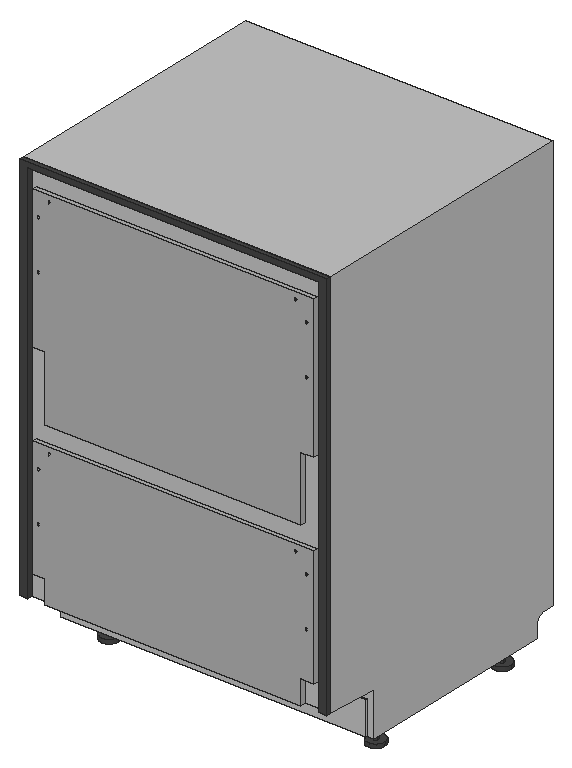
Revit family "FP_Revit_18_DD24DTI9_N_DishDrawer_90000872A", category Specialty Equipment, Revit 2018
Family settings
  Round Connector Dimension = Use Diameter
  Part Type = Normal
  OmniClass Number = 23.40.40.14.31
  OmniClass Title = Cleaning and Disposal Equipment
  Work Plane-Based = No
  Always vertical = Yes
  Cut with Voids When Loaded = Yes
  Shared = No
  Room Calculation Point = No
Parameters (values of type "DD24DTI9_N")
  Visibility - Handle = no
  Visibility - Door Panel = no
  Visibility - Clearance Required = yes
  URL = "www.fisherpaykel.com"
  Toe Kick - Recess (40mm - 100mm) [instance] = 100 mm
  Product - Width = 599 mm  # constant formula
  Product - Height (864mm - 924mm) [instance] = 900 mm
  Product - Depth = 553 mm  # constant formula
  Model = "DD24DTI9_N"
  Material - Trim = Fisher & Paykel - Black
  Material - Door Structure = Fisher & Paykel - Aluminium
  Material - Door Front = Fisher & Paykel - Stainless Steel
  Material - Body = Fisher & Paykel - Grey
  Manufacturer = "Fisher & Paykel Appliances"
  Description = "Integrated Double DishDrawer"
  Connector Description - Water = "Supplied hose to suit 3⁄8” (9 mm) male compression fitting"
  Connector Description - Sanitary = "Drain Hose, No Fitting Required"
  Connector Description - Electrical = "110-120 V, 15 A, fused electrical supply"
  Chassis - Height (855mm Tall or 811mm Std) = 855 mm  # constant formula
  Cavity - Width = 600 mm  # constant formula
  Cavity - Height = 0 mm  # constant formula
  Cavity - Depth = 560 mm  # constant formula
Types (3, lengths in mm): name | Model
  (no name) | "DD24DTI9_N"
  DD24DTI9_N | "DD24DTI9_N"
  DD24DHTI9_N | "DD24DHTI9_N"
Reference planes
  plane 1 "Datum": y = 0
  plane 2: z = 0
  plane 3 "Center (Left/Right)": x = 0
  plane 4: z = 0
  plane 5 "Product LHS": x = -299.5
  plane 6 "Product RHS": x = 299.5
  plane 7 "Product - Depth": y = 553
  plane 8 "Cavity LHS": x = -300
  plane 9 "Cavity RHS": x = 300
  plane 10 "Cavity - Depth": y = 560
  plane 11 "Leg Height": z = 45
  plane 12 "Product - Height": z = 900
  plane 13 "Cavity - Height": z = 902
  plane 14 "Door Front": y = -20.24
  plane 15 "Toe Kick Front 18mm": y = 79.76
Forms (mm)
  Extrusion 1, solid, material "Fisher & Paykel - Grey" <- "Material - Body"
    sketch origin (0, 0, 0) x (0, 1, 0) y (0, 0, 1)
      loop
        line (10, 900) -> (10, 136.398) -> (115, 129.503) -> (115, 45) -> (513, 45) -> (513, 64.972)
        arc (513, 64.972) -> (518.858, 79.114) -> (533, 84.972) r 20
        line (533, 84.972) -> (553, 84.972) -> (553, 900) -> (10, 900)
    from -299.5 to 299.5
  Extrusion 2, solid, material "Fisher & Paykel - Aluminium" <- "Material - Door Structure", detail levels fine
    sketch origin (0, 0, 0) x (1, 0, 0) y (0, 0, 1)
      loop
        line (-274, 856.4) -> (-274, 579.2) -> (-250, 579.2) -> (-250, 451.988) -> (250, 451.988) -> (250, 579.2) -> (274, 579.2) -> (274, 856.4) -> (-274, 856.4)
      loop
        line (-274, 415) -> (-274, 182) -> (-250, 182) -> (-250, 136) -> (250, 136) -> (250, 182) -> (274, 182) -> (274, 415) -> (-274, 415)
      loop
        circle (-240.999, 844.198) r 2.5
      loop
        circle (-261.999, 810.698) r 2.5
      loop
        circle (-261.999, 715.198) r 2.5
      loop
        circle (-262, 274) r 2.5
      loop
        circle (-262, 369.5) r 2.5
      loop
        circle (-241, 403) r 2.5
      loop
        circle (240.999, 844.198) r 2.5
      loop
        circle (261.999, 810.698) r 2.5
      loop
        circle (261.999, 715.198) r 2.5
      loop
        circle (262, 274) r 2.5
      loop
        circle (262, 369.5) r 2.5
      loop
        circle (241, 403) r 2.5
    from -10 to 0
  Extrusion 3, solid, material "Fisher & Paykel - Black" <- "Material - Trim"
    sketch origin (0, 0, 0) x (1, 0, 0) y (0, 0, 1)
      loop
        line (-299.5, 900) -> (-299.5, 136) -> (-283.999, 136) -> (-283.999, 890) -> (284, 890) -> (284, 136) -> (299.5, 136) -> (299.5, 900) -> (-299.5, 900)
    from -10 to 0
  Extrusion 4, solid, material "Fisher & Paykel - Black"
    sketch origin (0, 0, 0) x (1, 0, 0) y (0, 1, 0)
      loop
        circle (-260.6, 478.3) r 4
      loop
        circle (-260.6, 170.1) r 4
      loop
        circle (260.6, 478.3) r 4
      loop
        circle (260.6, 170.1) r 4
    from 7 to 45
  Extrusion 5, solid, material "Fisher & Paykel - Black"
    sketch origin (0, 0, 0) x (1, 0, 0) y (0, 1, 0)
      loop
        circle (-260.6, 170.1) r 17.816
      loop
        circle (-260.6, 478.3) r 17.816
      loop
        circle (260.6, 170.1) r 17.816
      loop
        circle (260.6, 478.3) r 17.816
    from 0 to 7
  Sweep 6, solid, material "Fisher & Paykel - Black", detail levels medium+fine
    path origin (0, 537.938, 0) x (1, 0, 0) y (0, 0, 1)
      loop
        line (-134.5, 84.972) -> (-134.5, 54.132)
        arc (-134.5, 54.132) -> (-140.358, 39.989) -> (-154.5, 34.132) r 20
        line (-154.5, 34.132) -> (-349.5, 34.132)
    profile origin (-134.5, 537.938, 69.552) x (0, -1, 0) y (1, 0, 0)
      loop
        circle (0, 0) r 9
  Sweep 7, solid, material "Fisher & Paykel - Black", detail levels medium+fine
    path origin (0, 537.938, 0) x (1, 0, 0) y (0, 0, 1)
      loop
        line (-189.5, 84.972) -> (-189.5, 73.507)
        arc (-189.5, 73.507) -> (-195.358, 59.364) -> (-209.5, 53.507) r 20
        line (-209.5, 53.507) -> (-349.5, 53.507)
    profile origin (-189.5, 537.938, 79.239) x (0, -1, 0) y (1, 0, 0)
      loop
        circle (0, 0) r 9
  Sweep 8, solid, material "Fisher & Paykel - Black", detail levels medium+fine
    path origin (0, 0, 0) x (1, 0, 0) y (0, 0, 1)
      loop
        line (-349.5, 67.736) -> (-66.993, 67.736)
        arc (-66.993, 67.736) -> (-58.507, 71.251) -> (-54.993, 79.736) r 12
        line (-54.993, 79.736) -> (-54.993, 84.972)
    profile origin (-54.993, 0, 82.354) x (-1, 0, 0) y (0, -1, 0)
      loop
        circle (0, -533.939) r 5
  Sweep 9, solid, material "Fisher & Paykel - Black", detail levels medium+fine
    path origin (0, 0, 0) x (1, 0, 0) y (0, 0, 1)
      loop
        line (-349.186, 53.851) -> (-218.186, 53.851)
        arc (-218.186, 53.851) -> (-204.044, 59.709) -> (-198.186, 73.851) r 20
        line (-198.186, 73.851) -> (-198.186, 84.972)
    profile origin (-198.186, 0, 79.412) x (-1, 0, 0) y (0, -1, 0)
      loop
        circle (0, -524.105) r 5
  Extrusion 10, solid, material "Fisher & Paykel - Clearance Required", visible <- "Visibility - Clearance Required", detail levels coarse
    sketch origin (0, 0, 0) x (0, 1, 0) y (0, 0, 1)
      loop
        line (-18, 0) -> (-18, 444.714) -> (-545, 444.714) -> (-545, 379.3) -> (-586, 379.3) -> (-586, 363.297) -> (-545, 363.297) -> (-545, 0) -> (-18, 0)
      loop
        line (-18, 451.988) -> (-18, 893.988) -> (-545, 893.988) -> (-545, 828.3) -> (-586, 828.3) -> (-586, 812.297) -> (-545, 812.297) -> (-545, 451.988) -> (-18, 451.988)
    from -300 to 300
  Extrusion 11, solid, material "Fisher & Paykel - Clearance Required", visible <- "Visibility - Clearance Required", detail levels coarse
    sketch origin (0, 0, 0) x (1, 0, 0) y (0, 1, 0)
      loop
        line (300, 560) -> (-300, 560) -> (-300, 0) -> (300, 0) -> (300, 560)
    from 0 to 906
  Extrusion 12, void
    sketch origin (0, 0, 0) x (1, 0, 0) y (0, 1, 0)
      loop
        line (-300, -18) -> (300, -18) -> (300, 560) -> (-300, 560) -> (-300, -18)
    from 0 to 902
  Extrusion 13, solid, material "Fisher & Paykel - Grey" <- "Material - Body", detail levels fine
    sketch origin (0, 0, 0) x (1, 0, 0) y (0, 0, 1)
      loop
        line (-297.5, 120.4) -> (-297.5, 55.4) -> (297.5, 55.4) -> (297.5, 120.4) -> (207.2, 120.4) -> (207.2, 113.4) -> (210.2, 113.4) -> (210.2, 109) -> (201.44, 109) -> (201.44, 84.145)
        arc (201.44, 84.145) -> (0, 65.4) -> (-201.44, 84.145) r 1091.719
        line (-201.44, 84.145) -> (-201.44, 109) -> (-210.2, 109) -> (-210.2, 113.4) -> (-207.2, 113.4) -> (-207.2, 120.4) -> (-297.5, 120.4)
      loop
        circle (230, 86.4) r 2.4
      loop
        circle (230, 106.4) r 2.4
      loop
        circle (-230, 86.4) r 2.4
      loop
        circle (-230, 106.4) r 2.4
    from -100.76 to -97.76
  Extrusion 14, solid, material "Fisher & Paykel - Stainless Steel" <- "Material - Door Front", visible <- "Visibility - Door Panel"
    sketch origin (0, 0, 0) x (1, 0, 0) y (0, 1, 0)
      loop
        line (-297.5, 0) -> (-297.5, -18) -> (297.5, -18) -> (297.5, 0) -> (-297.5, 0)
    from 451.988 to 893.988
  Extrusion 15, solid, material "Fisher & Paykel - Stainless Steel" <- "Material - Door Front", visible <- "Visibility - Door Panel"
    sketch origin (0, 0, 0) x (1, 0, 0) y (0, 1, 0)
      loop
        line (-297.5, 0) -> (-297.5, -18) -> (297.5, -18) -> (297.5, 0) -> (-297.5, 0)
    from 133.714 to 444.714
  Extrusion 16, void
    sketch origin (0, 0, 0) x (1, 0, 0) y (0, 0, 1)
      loop
        line (-219.5, 85) -> (-84, 85) -> (-84, 100.8) -> (-91.143, 127.459)
        arc (-91.143, 127.459) -> (-97.572, 137.08) -> (-108.53, 140.8) r 18
        line (-108.53, 140.8) -> (-194.97, 140.8)
        arc (-194.97, 140.8) -> (-205.928, 137.08) -> (-212.357, 127.459) r 18
        line (-212.357, 127.459) -> (-219.5, 100.8) -> (-219.5, 85)
    from -548 to -553
Cuts and joins
  Extrusion 16 cuts Extrusion 2
  Extrusion 16 cuts Extrusion 10
  Extrusion 16 cuts Extrusion 15
  Extrusion 16 cuts Extrusion 1
Lines and regions (mm)
  model lines
    curve 1: line (-297.5, 0, 893.988) -> (297.5, 0, 893.988)
    curve 2: line (-297.5, 0, 451.988) -> (-297.5, 0, 893.988)
    curve 3: line (297.5, 0, 451.988) -> (-297.5, 0, 451.988)
    curve 4: line (297.5, 0, 893.988) -> (297.5, 0, 451.988)
    curve 5: line (-297.5, 0, 444.714) -> (297.5, 0, 444.714)
    curve 6: line (-297.5, 0, 133.714) -> (-297.5, 0, 444.714)
    curve 7: line (297.5, 0, 133.714) -> (-297.5, 0, 133.714)
    curve 8: line (297.5, 0, 444.714) -> (297.5, 0, 133.714)
    curve 9: line (-297.5, 0, 893.988) -> (297.5, 0, 893.988)
    curve 10: line (-297.5, 0, 451.988) -> (-297.5, 0, 893.988)
    curve 11: line (297.5, 0, 451.988) -> (-297.5, 0, 451.988)
    curve 12: line (297.5, 0, 893.988) -> (297.5, 0, 451.988)
    curve 13: line (-297.5, 0, 444.714) -> (297.5, 0, 444.714)
    curve 14: line (-297.5, 0, 133.714) -> (-297.5, 0, 444.714)
    curve 15: line (297.5, 0, 133.714) -> (-297.5, 0, 133.714)
    curve 16: line (297.5, 0, 444.714) -> (297.5, 0, 133.714)
Text (mm)
  text "Due to ongoing product development, product details are subject to change without notice. \nPlease always refer to www.fisherpaykel.com for the most current product information. \n© Fisher & Paykel 2020" at (41.04, -690.05, 0), in view "Ref. Level (Plan)"
Dimensions and locks
  equal spacing: plane 5 "Product LHS", plane 3 "Center (Left/Right)", plane 6 "Product RHS"
  "Product - Width": plane 5 "Product LHS" to plane 6 "Product RHS"
  "Product - Depth": plane 1 "Datum" to plane 7 "Product - Depth"
  equal spacing: plane 8 "Cavity LHS", plane 3 "Center (Left/Right)", plane 9 "Cavity RHS"
  "Cavity - Width": plane 8 "Cavity LHS" to plane 9 "Cavity RHS"
  "Cavity - Depth": plane 10 "Cavity - Depth" to plane 1 "Datum"
  Extrusion 1 sketch curve to Extrusion 1 sketch curve = 855 mm
  Extrusion 2 sketch curve to plane 11 "Leg Height" = 370 mm
  "Chassis - Height (855mm Tall or 811mm Std)": plane 12 "Product - Height" to plane 11 "Leg Height"
  locked: Extrusion 2 sketch curve to plane 11 "Leg Height" at 534.2
  locked: plane 12 "Product - Height" to Extrusion 2 sketch curve at 43.6
  "Product - Height (864mm - 924mm)": plane 12 "Product - Height" to level
  plane 12 "Product - Height" to Extrusion 2 = 43.6 mm
  Extrusion 2 to plane 11 "Leg Height" = 370 mm
  Extrusion 2 to plane 11 "Leg Height" = 406.988 mm
  locked: plane 13 "Cavity - Height" to plane 12 "Product - Height" at 2
  locked: plane 11 "Leg Height" to Extrusion 13 at 10.4
  locked: plane 12 "Product - Height" to nested 1 at 71.7
  locked: plane 12 "Product - Height" to nested 2 at 520.7
  locked: plane 12 "Product - Height" to Extrusion 14 at 6.012
  locked: plane 12 "Product - Height" to Extrusion 14 at 448.012
  locked: plane 12 "Product - Height" to cut or joined group of Extrusion 15, Extrusion 16 at 455.286
  locked: plane 12 "Product - Height" to cut or joined group of Extrusion 15, Extrusion 16 at 766.286
  locked: plane 15 "Toe Kick Front 18mm" to Extrusion 13 at 18
  locked: Extrusion 13 to Extrusion 13 at 3
  "Toe Kick - Recess (40mm - 100mm)": plane 14 "Door Front" to plane 15 "Toe Kick Front 18mm"
  aligned and locked: level to plane 2
  aligned and locked: Extrusion 1 sketch curve to plane 11 "Leg Height"
  aligned and locked: plane 12 "Product - Height" to Extrusion 3 sketch curve
  aligned and locked: Extrusion 4 to Extrusion 5
  aligned and locked: plane 12 "Product - Height" to Extrusion 1
  aligned and locked: Extrusion 10 to plane 9 "Cavity RHS"
  aligned and locked: plane 8 "Cavity LHS" to Extrusion 10
  aligned and locked: Extrusion 11 sketch curve to plane 8 "Cavity LHS"
  aligned and locked: plane 1 "Datum" to Extrusion 11 sketch curve
  aligned and locked: Extrusion 11 sketch curve to plane 9 "Cavity RHS"
  aligned and locked: plane 10 "Cavity - Depth" to Extrusion 11 sketch curve
  aligned and locked: Extrusion 4 to Extrusion 1
  aligned and locked: plane 13 "Cavity - Height" to Extrusion 12
  aligned and locked: Extrusion 10 to level
  aligned and locked: curve 1 to Extrusion 14
  aligned and locked: curve 2 to Extrusion 14
  aligned and locked: curve 4 to Extrusion 14
  aligned and locked: curve 5 to cut or joined group of Extrusion 15, Extrusion 16
  aligned and locked: curve 6 to cut or joined group of Extrusion 15, Extrusion 16
  aligned and locked: curve 7 to cut or joined group of Extrusion 15, Extrusion 16
  aligned and locked: curve 8 to cut or joined group of Extrusion 15, Extrusion 16
Automatic sketch dimensions
  Extrusion 2 sketch curve to plane 5 "Product LHS" = 25.5 mm  (x2)
  Extrusion 2 sketch curve to plane 5 "Product LHS" = 37.5 mm  (x2)
  Extrusion 2 sketch curve to plane 5 "Product LHS" = 37.501 mm  (x2)
  Extrusion 2 sketch curve to Extrusion 2 sketch curve = 24 mm
  Extrusion 2 sketch curve to plane 5 "Product LHS" = 49.5 mm
  Extrusion 2 sketch curve to Extrusion 2 sketch curve = 33 mm
  Extrusion 2 sketch curve to Extrusion 2 sketch curve = 33.001 mm
  plane 6 "Product RHS" to Extrusion 2 sketch curve = 58.501 mm
  plane 6 "Product RHS" to Extrusion 2 sketch curve = 58.5 mm
  plane 6 "Product RHS" to Extrusion 2 sketch curve = 49.5 mm  (x2)
  plane 6 "Product RHS" to Extrusion 2 sketch curve = 37.501 mm  (x2)
  plane 6 "Product RHS" to Extrusion 2 sketch curve = 37.5 mm  (x2)
  plane 6 "Product RHS" to Extrusion 2 sketch curve = 25.5 mm  (x2)
  Extrusion 2 sketch curve to Extrusion 2 sketch curve = 12 mm  (x2)
  Extrusion 2 sketch curve to Extrusion 2 sketch curve = 33.5 mm  (x2)
  Extrusion 2 sketch curve to Extrusion 2 sketch curve = 95.5 mm  (x2)
  Extrusion 2 sketch curve to Extrusion 2 sketch curve = 92 mm  (x2)
  Extrusion 2 sketch curve to Extrusion 2 sketch curve = 46 mm
  Extrusion 2 sketch curve to Extrusion 2 sketch curve = 36.988 mm
  Extrusion 2 sketch curve to Extrusion 2 sketch curve = 127.212 mm
  Extrusion 2 sketch curve to Extrusion 2 sketch curve = 135.998 mm  (x2)
  Extrusion 2 sketch curve to Extrusion 2 sketch curve = 45.702 mm  (x2)
  Extrusion 2 sketch curve to Extrusion 2 sketch curve = 12.202 mm  (x2)
  plane 5 "Product LHS" to Extrusion 3 sketch curve = 0 mm
  plane 6 "Product RHS" to Extrusion 3 sketch curve = 0 mm
  Extrusion 3 sketch curve to plane 5 "Product LHS" = 15.501 mm
  plane 6 "Product RHS" to Extrusion 3 sketch curve = 15.5 mm
  Extrusion 3 sketch curve to plane 12 "Product - Height" = 10 mm
  Extrusion 3 sketch curve to plane 11 "Leg Height" = 91 mm  (x2)
  Extrusion 4 sketch curve to plane 5 "Product LHS" = 38.9 mm  (x2)
  plane 6 "Product RHS" to Extrusion 4 sketch curve = 38.9 mm  (x2)
  Extrusion 4 sketch curve to plane 1 "Datum" = 170.1 mm  (x2)
  Extrusion 4 sketch curve to plane 7 "Product - Depth" = 74.7 mm  (x2)
  Extrusion 5 sketch curve to plane 5 "Product LHS" = 38.9 mm  (x2)
  plane 6 "Product RHS" to Extrusion 5 sketch curve = 38.9 mm  (x2)
  Extrusion 5 sketch curve to plane 1 "Datum" = 170.1 mm  (x2)
  Extrusion 5 sketch curve to plane 7 "Product - Depth" = 74.7 mm  (x2)
  plane 11 "Leg Height" to Sweep 6 sketch curve = 10.868 mm
  Sweep 6 sketch curve to plane 5 "Product LHS" = 145 mm
  Sweep 6 sketch curve to plane 11 "Leg Height" = 9.132 mm
  plane 8 "Cavity LHS" to Sweep 6 sketch curve = 49.5 mm
  Sweep 6 sketch curve to Sweep 6 sketch curve = 30.84 mm
  Sweep 6 sketch curve to profile plane = 0 mm
  profile plane to Sweep 6 sketch curve = 0 mm
  Sweep 7 sketch curve to plane 11 "Leg Height" = 8.507 mm
  Sweep 7 sketch curve to plane 5 "Product LHS" = 90 mm
  Sweep 7 sketch curve to Sweep 7 sketch curve = 20 mm
  plane 8 "Cavity LHS" to Sweep 7 sketch curve = 49.5 mm
  Sweep 7 sketch curve to Sweep 7 sketch curve = 11.465 mm
  Sweep 7 sketch curve to profile plane = 0 mm
  profile plane to Sweep 7 sketch curve = 0 mm
  Sweep 8 sketch curve to plane 11 "Leg Height" = 22.736 mm
  Sweep 8 sketch curve to plane 3 "Center (Left/Right)" = 66.993 mm
  Sweep 8 sketch curve to Sweep 8 sketch curve = 12 mm
  plane 8 "Cavity LHS" to Sweep 8 sketch curve = 49.5 mm
  Sweep 8 sketch curve to Sweep 8 sketch curve = 5.236 mm
  Sweep 8 sketch curve to profile plane = 0 mm
  Sweep 8 sketch curve to plane 1 "Datum" = 533.939 mm
  Sweep 9 sketch curve to plane 11 "Leg Height" = 8.851 mm
  Sweep 9 sketch curve to plane 5 "Product LHS" = 81.314 mm
  Sweep 9 sketch curve to Sweep 9 sketch curve = 20 mm
  plane 8 "Cavity LHS" to Sweep 9 sketch curve = 49.186 mm
  Sweep 9 sketch curve to Sweep 9 sketch curve = 11.121 mm
  Sweep 9 sketch curve to profile plane = 0 mm
  Sweep 9 sketch curve to plane 1 "Datum" = 524.105 mm
  Extrusion 12 sketch curve to plane 8 "Cavity LHS" = 0 mm
  Extrusion 12 sketch curve to plane 9 "Cavity RHS" = 0 mm
  Extrusion 12 sketch curve to plane 10 "Cavity - Depth" = 0 mm
  plane 1 "Datum" to Extrusion 12 sketch curve = 18 mm
  Extrusion 13 sketch curve to plane 3 "Center (Left/Right)" = 0 mm
  Extrusion 13 sketch curve to plane 5 "Product LHS" = 98.06 mm
  Extrusion 13 sketch curve to Extrusion 13 sketch curve = 5.76 mm  (x2)
  Extrusion 13 sketch curve to Extrusion 13 sketch curve = 3 mm  (x2)
  Extrusion 13 sketch curve to Extrusion 13 sketch curve = 28.56 mm
  Extrusion 13 sketch curve to Extrusion 13 sketch curve = 19.8 mm  (x2)
  Extrusion 13 sketch curve to plane 5 "Product LHS" = 2 mm
  plane 6 "Product RHS" to Extrusion 13 sketch curve = 98.06 mm
  Extrusion 13 sketch curve to Extrusion 13 sketch curve = 0 mm
  plane 6 "Product RHS" to Extrusion 13 sketch curve = 2 mm
  Extrusion 13 sketch curve to plane 11 "Leg Height" = 10.4 mm
  Extrusion 13 sketch curve to plane 11 "Leg Height" = 39.145 mm
  Extrusion 13 sketch curve to Extrusion 13 sketch curve = 2.255 mm  (x2)
  Extrusion 13 sketch curve to Extrusion 13 sketch curve = 20 mm  (x2)
  Extrusion 13 sketch curve to Extrusion 13 sketch curve = 2.6 mm
  Extrusion 13 sketch curve to Extrusion 13 sketch curve = 24.855 mm
  Extrusion 13 sketch curve to Extrusion 13 sketch curve = 4.4 mm  (x2)
  Extrusion 13 sketch curve to Extrusion 13 sketch curve = 7 mm  (x2)
  plane 13 "Cavity - Height" to Extrusion 13 sketch curve = 255.119 mm
  Extrusion 14 sketch curve to plane 5 "Product LHS" = 2 mm
  plane 6 "Product RHS" to Extrusion 14 sketch curve = 2 mm
  Extrusion 15 sketch curve to plane 5 "Product LHS" = 2 mm
  plane 6 "Product RHS" to Extrusion 15 sketch curve = 2 mm
  Extrusion 10 sketch curve to plane 12 "Product - Height" = 71.7 mm
  plane 1 "Datum" to Extrusion 10 sketch curve = 586 mm
  Extrusion 10 sketch curve to Extrusion 10 sketch curve = 0 mm  (x5)
  plane 1 "Datum" to Extrusion 10 sketch curve = 18 mm
  Extrusion 10 sketch curve to Extrusion 10 sketch curve = 16.003 mm  (x2)
  Extrusion 10 sketch curve to Extrusion 10 sketch curve = 360.309 mm
  Extrusion 10 sketch curve to Extrusion 10 sketch curve = 7.274 mm
  Extrusion 10 sketch curve to Extrusion 10 sketch curve = 65.414 mm
  plane 11 "Leg Height" to Extrusion 10 sketch curve = 45 mm
  Extrusion 10 sketch curve to plane 12 "Product - Height" = 6.012 mm
  Extrusion 10 sketch curve to Extrusion 10 sketch curve = 41 mm
  Extrusion 16 sketch curve to plane 11 "Leg Height" = 40 mm
  Extrusion 16 sketch curve to plane 5 "Product LHS" = 80 mm
  Extrusion 16 sketch curve to Extrusion 16 sketch curve = 7.143 mm  (x2)
  Extrusion 16 sketch curve to Extrusion 16 sketch curve = 17.387 mm  (x2)
  Extrusion 16 sketch curve to Extrusion 16 sketch curve = 86.44 mm
  Extrusion 16 sketch curve to Extrusion 16 sketch curve = 15.8 mm  (x2)
  Extrusion 16 sketch curve to Extrusion 16 sketch curve = 22 mm  (x2)
  Extrusion 16 sketch curve to Extrusion 16 sketch curve = 4.659 mm
  plane 1 "Datum" to Extrusion 14 sketch curve = 0 mm
  plane 1 "Datum" to Extrusion 14 sketch curve = 18 mm
  plane 1 "Datum" to Extrusion 15 sketch curve = 0 mm
  plane 1 "Datum" to Extrusion 15 sketch curve = 18 mm
  Extrusion 1 sketch curve to plane 7 "Product - Depth" = 0 mm
  Extrusion 1 sketch curve to plane 7 "Product - Depth" = 20 mm
  Extrusion 1 sketch curve to Extrusion 1 sketch curve = 20 mm
  Extrusion 1 sketch curve to plane 1 "Datum" = 115 mm
  Extrusion 1 sketch curve to plane 1 "Datum" = 10 mm
  Extrusion 1 sketch curve to plane 11 "Leg Height" = 19.972 mm
  Extrusion 1 sketch curve to plane 11 "Leg Height" = 84.503 mm
  Extrusion 1 sketch curve to plane 11 "Leg Height" = 91.398 mm
  curve 5 to curve 12 = 7.274 mm
  radius of Extrusion 2 sketch curve = 2.5 mm  (x12)
  radius of Extrusion 4 sketch curve = 4 mm  (x4)
  radius of Extrusion 5 sketch curve = 17.816 mm  (x4)
  radius of Sweep 6 sketch curve = 9 mm
  radius of Sweep 7 sketch curve = 9 mm
  radius of Sweep 8 sketch curve = 5 mm
  radius of Sweep 9 sketch curve = 5 mm
  radius of Extrusion 13 sketch curve = 2.4 mm  (x4)
Nested families
  nested 1: "F&P Handle Contemporary Square - Horizontal" at (0, -20, 820.322), visible <- "Visibility - Handle", type "565mm"
  nested 2: "F&P Handle Contemporary Square - Horizontal" at (0, -20, 371.322), visible <- "Visibility - Handle", type "565mm"
Connectors
  electrical at (-349.5, 533.939, 67.736), driven by "Connector Description - Electrical"
    settings: on Sweep 8, index 1, voltage 120 V, apparent load 0 VA, apparent load phase1 0 VA, apparent load phase2 0 VA, apparent load phase3 0 VA, power factor 1, load classification "Other", number of poles 1, system type 30, power factor state 1, is connector primary yes, connector utility no, sub classification motor no, connector description "110-120 V, 15 A, fused electrical supply"
  piping at (-349.186, 524.105, 53.851), diameter 10, driven by "Connector Description - Water"
    settings: on Sweep 9, index 2, connector inside diameter 609.6 mm, connector length 0 mm, flow factor 0, pipe flow 0.0 L/s, pressure drop 0.0 Pa, fitting loss kfactor 0, connector angle 0.00°, fixture units 0, engagement length 0 mm, angle of deflection 0.00°, flow configuration 0, flow direction 1, fitting loss method 0, system type 20, joint type 0, gender type 0, connector reference index -1, connector utility 0, adjustable connector no, is connector primary yes, connector description "Supplied hose to suit 3⁄8” (9 mm) male compression fitting"
  piping at (-349.5, 537.938, 53.507), diameter 15.9, driven by "Connector Description - Sanitary"
    settings: on Sweep 7, index 3, connector inside diameter 609.6 mm, connector length 0 mm, flow factor 0, pipe flow 0.0 L/s, pressure drop 0.0 Pa, fitting loss kfactor 0, connector angle 0.00°, fixture units 0, engagement length 0 mm, angle of deflection 0.00°, flow configuration 0, flow direction 2, fitting loss method 0, system type 16, joint type 0, gender type 0, connector reference index -1, connector utility 0, adjustable connector no, is connector primary no, connector description "Drain Hose, No Fitting Required"
  piping at (-349.5, 537.938, 34.132), diameter 15.9, driven by "Connector Description - Sanitary"
    settings: on Sweep 6, index 4, connector inside diameter 609.6 mm, connector length 0 mm, flow factor 0, pipe flow 0.0 L/s, pressure drop 0.0 Pa, fitting loss kfactor 0, connector angle 0.00°, fixture units 0, engagement length 0 mm, angle of deflection 0.00°, flow configuration 0, flow direction 2, fitting loss method 0, system type 16, joint type 0, gender type 0, connector reference index -1, connector utility 0, adjustable connector no, is connector primary no, connector description "Drain Hose, No Fitting Required"
Definition of nested family "F&P Handle Contemporary Square - Horizontal"
  Parameters (values of type "565mm")
    URL = "www.fisherpaykel.com"
    Material - Handle = none
    Manufacturer = "Fisher & Paykel Appliances"
    Handle - Standoff = 100 mm
    Handle - Length = 565 mm
  Reference planes
    plane 1 "Center (Front/Back)": y = 0
    plane 2: z = 0
    plane 3 "Center (Left/Right)": x = 0
    plane 4 "Product LHS": x = -282.5
    plane 5 "Product RHS": x = 282.5
    plane 6 "LHS Standoff": x = -182.5
    plane 7 "RHS Standoff": x = 182.5
  Forms (mm)
    Extrusion 1, solid, material <- "Material - Handle", detail levels fine
      sketch origin (0, 0, 0) x (0, 1, 0) y (0, 0, 1)
        loop
          arc (-27.701, 7.561) -> (-28.057, 7.868) -> (-28.514, 7.978) r 1
          line (-28.514, 7.978) -> (-39.5, 7.978)
          arc (-39.5, 7.978) -> (-40.561, 7.539) -> (-41, 6.478) r 1.5
          line (-41, 6.478) -> (-41, -6.522)
          arc (-41, -6.522) -> (-40.561, -7.583) -> (-39.5, -8.022) r 1.5
          line (-39.5, -8.022) -> (-28.487, -8.022)
          arc (-28.487, -8.022) -> (-28.029, -7.911) -> (-27.673, -7.602) r 1
          arc (-27.673, -7.602) -> (-25.256, -0.016) -> (-27.701, 7.561) r 13.038
      from -282.5 to 282.5
    Extrusion 2, solid, material <- "Material - Handle", detail levels fine
      sketch origin (0, 0, 0) x (0, 1, 0) y (0, 0, 1)
        loop
          arc (-27.23, 7.062) -> (-25.156, 0.008) -> (-27.198, -7.056) r 13.136
          arc (-27.198, -7.056) -> (-27.21, -7.463) -> (-26.86, -7.67) r 0.4
          line (-26.86, -7.67) -> (0, -7.67) -> (0, 7.678) -> (-26.893, 7.678)
          arc (-26.893, 7.678) -> (-27.244, 7.47) -> (-27.23, 7.062) r 0.4
      from 182.5 to 282.5
    Extrusion 3, solid, material <- "Material - Handle", detail levels fine
      sketch origin (0, 0, 0) x (0, 1, 0) y (0, 0, -1)
        loop
          arc (-27.23, -7.062) -> (-27.244, -7.47) -> (-26.893, -7.678) r 0.4
          line (-26.893, -7.678) -> (0, -7.678) -> (0, 7.67) -> (-26.86, 7.67)
          arc (-26.86, 7.67) -> (-27.21, 7.463) -> (-27.198, 7.056) r 0.4
          arc (-27.198, 7.056) -> (-25.156, -0.008) -> (-27.23, -7.062) r 13.136
      from 182.5 to 282.5
    Sweep 4, void
      path in 3D
        loop
          line (282.5, -28.514, 7.978) -> (282.5, -39.5, 7.978)
          arc (282.5, -39.5, 7.978) -> (282.5, -40.561, 7.539) -> (282.5, -41, 6.478) r 1.5
          line (282.5, -41, 6.478) -> (282.5, -41, -6.522)
          arc (282.5, -41, -6.522) -> (282.5, -40.561, -7.583) -> (282.5, -39.5, -8.022) r 1.5
          line (282.5, -39.5, -8.022) -> (282.5, -28.487, -8.022)
      profile origin (282.5, -34.007, 7.978) x (1, 0, 0) y (0, 0, 1)
        loop
          line (0, 0) -> (-1.3, 0) -> (0, -1.3) -> (0, 0)
    Sweep 5, void
      path in 3D
        loop
          line (-282.5, -28.487, -8.022) -> (-282.5, -39.5, -8.022)
          arc (-282.5, -39.5, -8.022) -> (-282.5, -40.561, -7.583) -> (-282.5, -41, -6.522) r 1.5
          line (-282.5, -41, -6.522) -> (-282.5, -41, 6.478)
          arc (-282.5, -41, 6.478) -> (-282.5, -40.561, 7.539) -> (-282.5, -39.5, 7.978) r 1.5
          line (-282.5, -39.5, 7.978) -> (-282.5, -28.514, 7.978)
      profile origin (-282.5, -34.007, 7.978) x (-1, 0, 0) y (0, 0, 1)
        loop
          line (0, 0) -> (-1.3, 0) -> (0, -1.3) -> (0, 0)
    Extrusion 6, void
      sketch origin (0, 0, 0) x (1, 0, 0) y (0, 0, 1)
        loop
          line (282.5, 7.978) -> (281.2, 7.978) -> (282.5, 6.678) -> (282.5, 7.978)
        loop
          line (282.5, -8.022) -> (282.5, -6.722) -> (281.2, -8.022) -> (282.5, -8.022)
      from 0 to 28.514
    Extrusion 7, void
      sketch origin (0, 0, 0) x (1, 0, 0) y (0, 0, 1)
        loop
          line (-282.5, 7.978) -> (-282.5, 6.678) -> (-281.2, 7.978) -> (-282.5, 7.978)
        loop
          line (-282.5, -8.022) -> (-281.2, -8.022) -> (-282.5, -6.722) -> (-282.5, -8.022)
      from 0 to 28.487
    Extrusion 8, solid, material <- "Material - Handle", detail levels coarse+medium
      sketch origin (0, 0, 0) x (1, 0, 0) y (0, 1, 0)
        loop
          line (-282.5, -41) -> (282.5, -41) -> (282.5, 0) -> (182.5, 0) -> (182.5, -26.156) -> (-182.5, -26.156) -> (-182.5, 0) -> (-282.5, 0) -> (-282.5, -41)
      from -8.022 to 7.978
  Cuts and joins
    Sweep 4, Sweep 5, Extrusion 6, Extrusion 7 cuts Extrusion 1
    Extrusion 6 cuts Extrusion 2
    Extrusion 7 cuts Extrusion 3
  Lines and regions (mm)
    sketch lines
      curve 1: line (282.5, -28.514, 7.978) -> (282.5, -39.5, 7.978)
      curve 2: arc (282.5, -41, 6.478) -> (282.5, -40.561, 7.539) -> (282.5, -39.5, 7.978) r 1.5
      curve 3: line (282.5, -41, 6.478) -> (282.5, -41, -6.522)
      curve 4: arc (282.5, -39.5, -8.022) -> (282.5, -40.561, -7.583) -> (282.5, -41, -6.522) r 1.5
      curve 5: line (282.5, -39.5, -8.022) -> (282.5, -28.487, -8.022)
      curve 6: line (-282.5, -39.5, 7.978) -> (-282.5, -28.514, 7.978)
      curve 7: arc (-282.5, -39.5, 7.978) -> (-282.5, -40.561, 7.539) -> (-282.5, -41, 6.478) r 1.5
      curve 8: line (-282.5, -41, -6.522) -> (-282.5, -41, 6.478)
      curve 9: arc (-282.5, -41, -6.522) -> (-282.5, -40.561, -7.583) -> (-282.5, -39.5, -8.022) r 1.5
      curve 10: line (-282.5, -28.487, -8.022) -> (-282.5, -39.5, -8.022)
  Dimensions and locks
    equal spacing: plane 4 "Product LHS", plane 3 "Center (Left/Right)", plane 5 "Product RHS"
    "Handle - Length": plane 4 "Product LHS" to plane 5 "Product RHS"
    "Handle - Standoff": plane 4 "Product LHS" to plane 6 "LHS Standoff"
    "Handle - Standoff": plane 7 "RHS Standoff" to plane 5 "Product RHS"
    Extrusion 8 to plane 1 "Center (Front/Back)" = 41 mm
    aligned and locked: level to plane 2
    aligned and locked: Extrusion 1 to plane 5 "Product RHS"
    aligned and locked: plane 4 "Product LHS" to Extrusion 1
    aligned and locked: Extrusion 2 to plane 5 "Product RHS"
    aligned and locked: plane 4 "Product LHS" to Extrusion 3
    aligned and locked: plane 4 "Product LHS" to Extrusion 8 sketch curve
    aligned and locked: Extrusion 8 sketch curve to plane 5 "Product RHS"
    aligned and locked: Extrusion 8 sketch curve to plane 7 "RHS Standoff"
    aligned and locked: plane 6 "LHS Standoff" to Extrusion 8 sketch curve
    aligned and locked: Extrusion 2 to plane 7 "RHS Standoff"
    aligned and locked: plane 6 "LHS Standoff" to Extrusion 3
  Automatic sketch dimensions
    Extrusion 1 sketch curve to level = 6.522 mm
    plane 1 "Center (Front/Back)" to Extrusion 1 sketch curve = 41 mm
    Extrusion 1 sketch curve to Extrusion 1 sketch curve = 1.5 mm  (x2)
    Extrusion 1 sketch curve to level = 0.04 mm
    Extrusion 1 sketch curve to Extrusion 1 sketch curve = 1.206 mm
    level to Extrusion 1 sketch curve = 6.978 mm
    Extrusion 1 sketch curve to Extrusion 1 sketch curve = 10.986 mm
    Extrusion 1 sketch curve to Extrusion 1 sketch curve = 11.013 mm
    Extrusion 1 sketch curve to Extrusion 1 sketch curve = 1 mm
    level to Extrusion 1 sketch curve = 6.478 mm
    Extrusion 1 sketch curve to Extrusion 1 sketch curve = 0 mm
    Extrusion 2 sketch curve to plane 1 "Center (Front/Back)" = 0 mm
    Extrusion 2 sketch curve to level = 7.67 mm
    Extrusion 2 sketch curve to Extrusion 2 sketch curve = 26.86 mm
    level to Extrusion 2 sketch curve = 7.678 mm
    Extrusion 2 sketch curve to Extrusion 2 sketch curve = 0.033 mm
    Extrusion 2 sketch curve to level = 0.022 mm
    Extrusion 2 sketch curve to Extrusion 2 sketch curve = 11.398 mm
    Extrusion 2 sketch curve to Extrusion 2 sketch curve = 0.4 mm  (x2)
    Extrusion 2 sketch curve to Extrusion 2 sketch curve = 0 mm
    Extrusion 3 sketch curve to plane 1 "Center (Front/Back)" = 0 mm
    Extrusion 3 sketch curve to level = 7.67 mm
    Extrusion 3 sketch curve to Extrusion 3 sketch curve = 26.86 mm
    level to Extrusion 3 sketch curve = 7.678 mm
    Extrusion 3 sketch curve to Extrusion 3 sketch curve = 0.033 mm
    Extrusion 3 sketch curve to level = 0.022 mm
    Extrusion 3 sketch curve to Extrusion 3 sketch curve = 11.398 mm
    Extrusion 3 sketch curve to Extrusion 3 sketch curve = 0.4 mm  (x2)
    Extrusion 3 sketch curve to Extrusion 3 sketch curve = 0 mm
    profile plane to Sweep 4 sketch curve = 0 mm
    Sweep 4 sketch curve to profile plane = 0 mm
    Sweep 4 sketch curve to profile plane = 1.3 mm
    profile plane to Sweep 4 sketch curve = 1.3 mm
    Sweep 5 sketch curve to profile plane = 0 mm  (x2)
    profile plane to Sweep 5 sketch curve = 1.3 mm
    Sweep 5 sketch curve to profile plane = 1.3 mm
    plane 5 "Product RHS" to Extrusion 6 sketch curve = 0 mm  (x2)
    Extrusion 6 sketch curve to Extrusion 6 sketch curve = 1.3 mm  (x4)
    Extrusion 6 sketch curve to level = 6.722 mm
    level to Extrusion 6 sketch curve = 6.678 mm
    plane 4 "Product LHS" to Extrusion 7 sketch curve = 0 mm  (x2)
    Extrusion 7 sketch curve to plane 4 "Product LHS" = 1.3 mm  (x2)
    Extrusion 7 sketch curve to level = 8.022 mm
    level to Extrusion 7 sketch curve = 6.678 mm
    Extrusion 7 sketch curve to Extrusion 7 sketch curve = 1.3 mm  (x2)
    plane 1 "Center (Front/Back)" to Extrusion 8 sketch curve = 0 mm  (x2)
    Extrusion 8 sketch curve to Extrusion 8 sketch curve = 26.156 mm
    Extrusion 8 sketch curve to Extrusion 8 sketch curve = 41 mm
